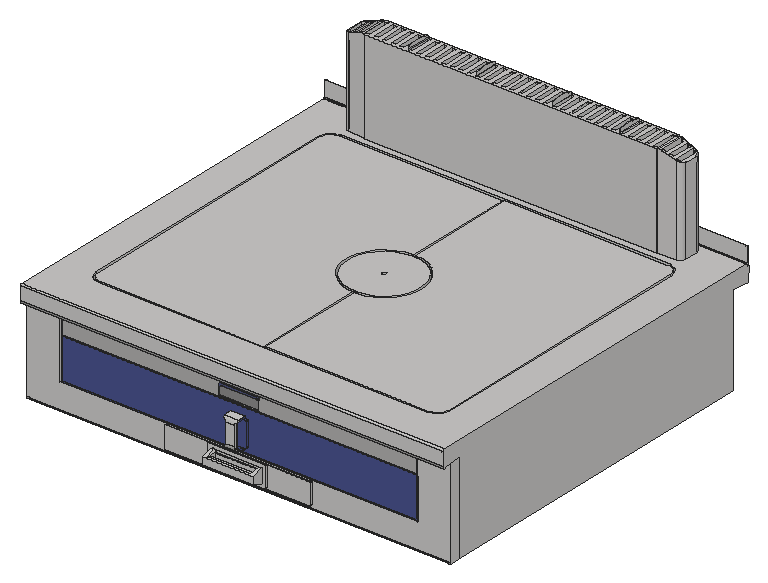
Revit family "QF_ELECTROLUXPROFESSIONAL_589014_MCLIABJOPO", category Specialty Equipment, Revit 2018
Family settings
  Round Connector Dimension = Use Diameter
  Part Type = Normal
  Work Plane-Based = No
  Always vertical = Yes
  Cut with Voids When Loaded = No
  Shared = No
  Room Calculation Point = No
Parameters
  Weight in Pounds = 264.55
  Watts = 0 W
  URL Cutsheet = "www.electrolux.com/professional"
  URL = "www.electrolux.com/professional"
  Type Mark [instance] = ""
  Status [instance] = ""
  Specification by User [instance] = ""
  Specification by Manufacturer = ""
  Show Clearance [instance] = yes
  Serial Number = ""
  Seismic Rating = ""
  SMACNA No = ""
  Revision Code [instance] = ""
  Omniclass Number and Title = ""
  NAFEM Spec ID Number = ""
  Model = "589014"
  Mechanical Remarks [instance] = ""
  Mechanical Connection Type [instance] = ""
  Masterspec = ""
  Manufacturer = "ELECTROLUX"
  Item Number [instance] = ""
  Installed By [instance] = ""
  Identify Quantity as Lot [instance] = yes
  HP = "0 HP"
  Gas Size = 1/2"
  Gas RI Height [instance] = 0 mm
  Gas KW [instance] = 12.5
  Gas Input [instance] = 42612.5 Btu/h
  Gas Connection Height = 0 mm
  Furnished By [instance] = ""
  Foodservice Equipment Identifier [instance] = yes
  Direct Waste Size = 0"
  Description = "GAS FRENCH TOP,1-SIDE,BS,1000X900X250H"
  CSI MasterFormat = ""
  CSI Master Format = ""
Reference planes
  plane 1 "BACK": y = 0
  plane 2: z = 0
  plane 3 "LEFT": x = 0
  plane 4 "RIGHT": x = 1000
  plane 5 "FRONT": y = -900
  plane 6 "TOP": z = 481
  plane 7 "Center Y": x = 500
  plane 8 "Center X": y = -450
  plane 9: z = 250
  plane 10: y = -1330
  plane 11: x = 965
Forms (mm)
  Extrusion 1, solid, material "QF_Finishes_Stainless Steel"
    sketch origin (653.786, 50.048, -650) x (0, 1, 0) y (0, 0, 1)
      loop
        line (-95.048, 863) -> (-71.412, 863) -> (-54.743, 860.061)
        arc (-54.743, 860.061) -> (-51.477, 860.936) -> (-50.048, 864) r 4
        line (-50.048, 864) -> (-50.048, 896)
        arc (-50.048, 896) -> (-51.22, 898.828) -> (-54.048, 900) r 4
        line (-54.048, 900) -> (-946.048, 900)
        arc (-946.048, 900) -> (-948.877, 898.828) -> (-950.048, 896) r 4
        line (-950.048, 896) -> (-950.048, 864)
        arc (-950.048, 864) -> (-948.619, 860.936) -> (-945.353, 860.061) r 4
        line (-945.353, 860.061) -> (-928.509, 863) -> (-905.048, 863) -> (-905.048, 650) -> (-95.048, 650) -> (-95.048, 863)
    from -653.786 to 346.214
  Extrusion 2, void
    sketch origin (653.786, 50.048, -650) x (1, 0, 0) y (0, 1, 0)
      loop
        arc (-542.786, -143.048) -> (-564, -151.835) -> (-572.786, -173.048) r 30
        line (-572.786, -173.048) -> (-572.786, -827.048)
        arc (-572.786, -827.048) -> (-564, -848.261) -> (-542.786, -857.048) r 30
        line (-542.786, -857.048) -> (235.214, -857.048)
        arc (235.214, -857.048) -> (256.427, -848.261) -> (265.214, -827.048) r 30
        line (265.214, -827.048) -> (265.214, -173.048)
        arc (265.214, -173.048) -> (256.427, -151.835) -> (235.214, -143.048) r 30
        line (235.214, -143.048) -> (-542.786, -143.048)
      loop
        line (-567.786, -173.048) -> (-567.786, -827.048)
        arc (-567.786, -827.048) -> (-560.464, -844.726) -> (-542.786, -852.048) r 25
        line (-542.786, -852.048) -> (-156.286, -852.048) -> (-156.286, -590.013)
        arc (-156.286, -590.013) -> (-243.786, -500.048) -> (-156.286, -410.083) r 90
        line (-156.286, -410.083) -> (-156.286, -148.048) -> (-542.786, -148.048)
        arc (-542.786, -148.048) -> (-560.464, -155.37) -> (-567.786, -173.048) r 25
      loop
        line (235.214, -148.048) -> (-151.286, -148.048) -> (-151.286, -410.083)
        arc (-151.286, -410.083) -> (-63.786, -500.048) -> (-151.286, -590.013) r 90
        line (-151.286, -590.013) -> (-151.286, -852.048) -> (235.214, -852.048)
        arc (235.214, -852.048) -> (252.891, -844.726) -> (260.214, -827.048) r 25
        line (260.214, -827.048) -> (260.214, -173.048)
        arc (260.214, -173.048) -> (252.891, -155.37) -> (235.214, -148.048) r 25
      loop
        circle (-153.786, -500.048) r 5
      loop
        arc (-156.286, -415.085) -> (-238.786, -500.048) -> (-156.286, -585.011) r 85
        arc (-156.286, -585.011) -> (-153.786, -585.048) -> (-151.286, -585.011) r 85
        arc (-151.286, -585.011) -> (-68.786, -500.048) -> (-151.286, -415.085) r 85
        arc (-151.286, -415.085) -> (-153.786, -415.048) -> (-156.286, -415.085) r 85
    from 887.5 to 900
  Extrusion 3, solid, material "QF_Finishes_Stainless Steel"
    sketch origin (-8, 53.486, -651.25) x (0, 1, 0) y (0, 0, 1)
      loop
        arc (-55.437, 903.256) -> (-56.028, 901.836) -> (-57.453, 901.256) r 2
        arc (-57.453, 901.256) -> (-54.646, 900.067) -> (-53.486, 897.25) r 4
        line (-53.486, 897.25) -> (-53.486, 939.256) -> (-55.437, 939.256) -> (-55.437, 903.256)
    from 8 to 1008
  Extrusion 4, solid, material "QF_Finishes_Stainless Steel"
    sketch origin (0, 0, 0) x (1, 0, 0) y (0, 1, 0)
      loop
        circle (965, -590) r 6.35
    from 0 to -14.661
  Extrusion 5, solid, material "QF_Door-Drawer Clearances", visible <- "Show Clearance", detail levels coarse
    sketch origin (0, 0, 0) x (1, 0, 0) y (0, 1, 0)
      loop
        line (327.605, -882.593) -> (327.605, -1330) -> (671.605, -1330) -> (671.605, -882.593) -> (327.605, -882.593)
    from 8.62 to 60
  Extrusion 6, solid, material "QF_Clearances", visible <- "Show Clearance", detail levels coarse
    sketch origin (0, 0, 0) x (1, 0, 0) y (0, 1, 0)
      loop
        line (-250, 150) -> (-250, -900) -> (0, -900) -> (0, 0) -> (1000, 0) -> (1000, -900) -> (1250, -900) -> (1250, 150) -> (-250, 150)
    from 0 to 481
Cuts and joins
  Extrusion 2 cuts Extrusion 1
Lines and regions (mm)
  symbolic lines, style "QF_Door-Drawer Clearances"
    curve 1: line (327.605, -900, 0) -> (327.605, -1330, 0)
    curve 2: line (327.605, -1330, 0) -> (671.605, -1330, 0)
    curve 3: line (671.605, -1330, 0) -> (671.605, -900, 0)
  symbolic lines
    curve 4: line (0, -900, 0) -> (1000, -900, 0)
    curve 5: line (0, 0, 0) -> (0, -900, 0)
    curve 6: line (1000, 0, 0) -> (0, 0, 0)
    curve 7: line (1000, -900, 0) -> (1000, 0, 0)
    curve 8: line (111, -93, 0) -> (889, -93, 0)
    curve 9: arc (889, -93, 0) -> (910.213, -101.787, 0) -> (919, -123, 0) r 30
    curve 10: line (919, -123, 0) -> (919, -777, 0)
    curve 11: arc (919, -777, 0) -> (910.213, -798.213, 0) -> (889, -807, 0) r 30
    curve 12: line (889, -807, 0) -> (111, -807, 0)
    curve 13: arc (111, -807, 0) -> (89.787, -798.213, 0) -> (81, -777, 0) r 30
    curve 14: line (81, -777, 0) -> (81, -123, 0)
    curve 15: arc (81, -123, 0) -> (89.787, -101.787, 0) -> (111, -93, 0) r 30
    curve 16: line (497.5, -98, 0) -> (111, -98, 0)
    curve 17: arc (111, -98, 0) -> (93.322, -105.322, 0) -> (86, -123, 0) r 25
    curve 18: line (86, -123, 0) -> (86, -777, 0)
    curve 19: arc (86, -777, 0) -> (93.322, -794.678, 0) -> (111, -802, 0) r 25
    curve 20: line (111, -802, 0) -> (497.5, -802, 0)
    curve 21: line (497.5, -802, 0) -> (497.5, -539.965, 0)
    curve 22: arc (497.5, -539.965, 0) -> (410, -450, 0) -> (497.5, -360.035, 0) r 90
    curve 23: line (497.5, -360.035, 0) -> (497.5, -98, 0)
    curve 24: line (889, -98, 0) -> (502.5, -98, 0)
    curve 25: line (502.5, -98, 0) -> (502.5, -360.035, 0)
    curve 26: arc (502.5, -360.035, 0) -> (590, -450, 0) -> (502.5, -539.965, 0) r 90
    curve 27: line (502.5, -539.965, 0) -> (502.5, -802, 0)
    curve 28: line (502.5, -802, 0) -> (889, -802, 0)
    curve 29: arc (889, -802, 0) -> (906.678, -794.678, 0) -> (914, -777, 0) r 25
    curve 30: line (914, -777, 0) -> (914, -123, 0)
    curve 31: arc (914, -123, 0) -> (906.678, -105.322, 0) -> (889, -98, 0) r 25
    curve 32: arc (502.5, -534.963, 0) -> (585, -450, 0) -> (502.5, -365.037, 0) r 85
    curve 33: arc (502.5, -365.037, 0) -> (500, -365, 0) -> (497.5, -365.037, 0) r 85
    curve 34: arc (497.5, -365.037, 0) -> (415, -450, 0) -> (497.5, -534.963, 0) r 85
    curve 35: arc (497.5, -534.963, 0) -> (500, -535, 0) -> (502.5, -534.963, 0) r 85
    curve 36: arc (505, -450, 0) -> (500, -455, 0) -> (495, -450, 0) r 5
    curve 37: arc (495, -450, 0) -> (500, -445, 0) -> (505, -450, 0) r 5
  symbolic lines, style "QF_Clearances", visible <- "Show Clearance", detail levels coarse
    curve 38: line (-250, -900, 0) -> (-250, 150, 0)
    curve 39: line (-250, 150, 0) -> (1250, 150, 0)
    curve 40: line (1250, 150, 0) -> (1250, -900, 0)
Dimensions and locks
  equal spacing: plane 3 "LEFT", plane 7 "Center Y", plane 4 "RIGHT"
  plane 3 "LEFT" to plane 4 "RIGHT" = 1000 mm
  equal spacing: plane 5 "FRONT", plane 8 "Center X", plane 1 "BACK"
  plane 5 "FRONT" to plane 1 "BACK" = 900 mm
  plane 6 "TOP" to level = 481 mm
  plane 9 to level = 250 mm  (x2)
  plane 5 "FRONT" to plane 10 = 430 mm
  curve 38 to plane 3 "LEFT" = 250 mm
  plane 4 "RIGHT" to curve 40 = 250 mm
  plane 1 "BACK" to curve 39 = 150 mm
  plane 4 "RIGHT" to plane 11 = 35 mm
  plane 1 "BACK" to Extrusion 4 = 590 mm
  plane 6 "TOP" to plane 9 = 231 mm
  locked: Extrusion 2 sketch curve to Extrusion 2 sketch curve (radius 30 mm)  (x4)
  locked: Extrusion 2 sketch curve to Extrusion 2 sketch curve (radius 25 mm)  (x4)
  locked: Extrusion 2 sketch curve to Extrusion 2 sketch curve (radius 90 mm)  (x2)
  locked: Extrusion 2 sketch curve to Extrusion 2 sketch curve (radius 85 mm)  (x2)
  aligned and locked: level to plane 2
Automatic sketch dimensions
  Extrusion 1 sketch curve to plane 5 "FRONT" = 0 mm
  Extrusion 1 sketch curve to plane 9 = 0 mm
  Extrusion 1 sketch curve to level = 0 mm
  Extrusion 1 sketch curve to plane 1 "BACK" = 0 mm
  Extrusion 1 sketch curve to plane 5 "FRONT" = 4.695 mm
  Extrusion 1 sketch curve to plane 9 = 39.939 mm
  Extrusion 1 sketch curve to plane 5 "FRONT" = 4 mm
  Extrusion 1 sketch curve to Extrusion 1 sketch curve = 16.844 mm
  Extrusion 1 sketch curve to plane 5 "FRONT" = 45 mm
  plane 1 "BACK" to Extrusion 1 sketch curve = 45 mm
  plane 1 "BACK" to Extrusion 1 sketch curve = 21.364 mm
  plane 1 "BACK" to Extrusion 1 sketch curve = 4 mm  (x2)
  Extrusion 1 sketch curve to Extrusion 1 sketch curve = 0.695 mm
  plane 1 "BACK" to Extrusion 1 sketch curve = 4.695 mm
  Extrusion 1 sketch curve to Extrusion 1 sketch curve = 0 mm  (x2)
  Extrusion 1 sketch curve to plane 9 = 37 mm  (x2)
  Extrusion 1 sketch curve to Extrusion 1 sketch curve = 1 mm
  Extrusion 2 sketch curve to Extrusion 2 sketch curve = 0 mm  (x19)
  Extrusion 2 sketch curve to plane 5 "FRONT" = 93 mm
  Extrusion 2 sketch curve to plane 7 "Center Y" = 0 mm
  Extrusion 2 sketch curve to plane 8 "Center X" = 0 mm
  Extrusion 2 sketch curve to plane 7 "Center Y" = 2.5 mm  (x4)
  plane 7 "Center Y" to Extrusion 2 sketch curve = 2.5 mm  (x4)
  plane 1 "BACK" to Extrusion 2 sketch curve = 123 mm
  Extrusion 3 sketch curve to plane 1 "BACK" = 0 mm
  Extrusion 3 sketch curve to plane 9 = 4 mm
  Extrusion 3 sketch curve to Extrusion 3 sketch curve = 1.951 mm
  Extrusion 3 sketch curve to Extrusion 3 sketch curve = 4 mm
  Extrusion 3 sketch curve to plane 9 = 0 mm
  Extrusion 3 sketch curve to Extrusion 3 sketch curve = 0 mm
  Extrusion 3 sketch curve to Extrusion 3 sketch curve = 0.016 mm
  plane 9 to Extrusion 3 sketch curve = 2.006 mm
  Extrusion 3 sketch curve to Extrusion 3 sketch curve = 36 mm
  plane 3 "LEFT" to Extrusion 2 sketch curve = 81 mm
  Extrusion 4 sketch curve to plane 8 "Center X" = 140 mm
  plane 4 "RIGHT" to Extrusion 4 sketch curve = 35 mm
  Extrusion 5 sketch curve to plane 10 = 0 mm
  Extrusion 5 sketch curve to plane 5 "FRONT" = 17.407 mm
  Extrusion 5 sketch curve to plane 7 "Center Y" = 172.395 mm
  plane 7 "Center Y" to Extrusion 5 sketch curve = 171.605 mm
  plane 4 "RIGHT" to Extrusion 2 sketch curve = 111 mm
  plane 5 "FRONT" to Extrusion 6 sketch curve = 0 mm
  Extrusion 6 sketch curve to plane 1 "BACK" = 150 mm
  Extrusion 6 sketch curve to plane 4 "RIGHT" = 250 mm
  Extrusion 6 sketch curve to plane 1 "BACK" = 0 mm
  Extrusion 6 sketch curve to plane 3 "LEFT" = 0 mm
  Extrusion 6 sketch curve to plane 4 "RIGHT" = 0 mm
  Extrusion 6 sketch curve to Extrusion 6 sketch curve = 250 mm
  Extrusion 6 sketch curve to Extrusion 6 sketch curve = 0 mm
  curve 9 to curve 31 = 0 mm  (x2)
  curve 11 to curve 29 = 0 mm  (x2)
  curve 13 to curve 19 = 0 mm  (x2)
  curve 15 to curve 17 = 0 mm  (x2)
  curve 22 to curve 26 = 0 mm  (x2)
  curve 22 to curve 32 = 0 mm  (x2)
  curve 22 to curve 33 = 0 mm  (x2)
  curve 22 to curve 34 = 0 mm  (x2)
  curve 22 to curve 35 = 0 mm
  curve 22 to curve 36 = 0 mm  (x2)
  plane 1 "BACK" to curve 5 = 0 mm
  curve 5 to plane 3 "LEFT" = 0 mm
  curve 1 to plane 10 = 0 mm
  curve 4 to plane 4 "RIGHT" = 0 mm
  plane 5 "FRONT" to curve 5 = 0 mm
  plane 5 "FRONT" to curve 38 = 0 mm
  curve 36 to plane 8 "Center X" = 0 mm
  curve 32 to plane 7 "Center Y" = 0 mm
  plane 5 "FRONT" to curve 40 = 0 mm
  plane 3 "LEFT" to curve 14 = 81 mm
  curve 13 to curve 18 = 5 mm
  curve 18 to curve 20 = 25 mm
  curve 17 to curve 8 = 25 mm
  curve 1 to plane 7 "Center Y" = 172.395 mm
  curve 21 to plane 7 "Center Y" = 2.5 mm
  curve 16 to plane 7 "Center Y" = 2.5 mm
  plane 7 "Center Y" to curve 28 = 2.5 mm
  plane 7 "Center Y" to curve 25 = 2.5 mm
  plane 7 "Center Y" to curve 3 = 171.605 mm
  plane 4 "RIGHT" to curve 28 = 111 mm
  curve 11 to curve 30 = 25 mm
  curve 30 to curve 10 = 5 mm
  curve 36 to curve 22 = 5 mm
  curve 34 to plane 7 "Center Y" = 2.5 mm
  curve 33 to plane 7 "Center Y" = 2.5 mm
  plane 7 "Center Y" to curve 33 = 2.5 mm
  plane 7 "Center Y" to curve 35 = 2.5 mm
  curve 12 to plane 5 "FRONT" = 93 mm
  curve 21 to plane 8 "Center X" = 89.965 mm
  curve 22 to curve 27 = 0 mm
  curve 27 to curve 35 = 5.002 mm
  plane 1 "BACK" to curve 30 = 123 mm
  plane 1 "BACK" to curve 14 = 123 mm
  radius of Extrusion 2 sketch curve = 5 mm
  radius of Extrusion 4 sketch curve = 6.35 mm
Nested families
  nested 1: "EG_900_1000_Front Panel with Center Grease Trap" at (202.376, -855, -650), type "EG_900_1000_Front Panel with Center Grease Trap"
  nested 2: "GG_900_Backsplash for 800 fryer" at (488.888, -5, -635.571), type "GG_900_Backsplash for 800 fryer"
Connectors
  piping at (965, -590, -14.661), diameter 12.7
    settings: on Extrusion 4, index 1, connector inside diameter 1/2", connector length 0 mm, flow factor 0, pipe flow 0 GPM, pressure drop 0.00 psi, fitting loss kfactor 0, connector angle 0.00°, fixture units 0, engagement length 0 mm, angle of deflection 0.00°, flow configuration 1, flow direction 1, fitting loss method 0, system type 7, joint type 0, gender type 0, connector reference index -1, connector utility 0, adjustable connector no, is connector primary yes, connector description "GAS INLET"
Definition of nested family "EG_900_1000_Front Panel with Center Grease Trap"
  Reference planes
    plane 1 "Center (Front/Back)": y = 0
    plane 2: z = 0
    plane 3 "Center (Left/Right)": x = 297.624
    plane 4: x = -202.376
    plane 5: x = 797.624
    plane 6: y = -45
  Forms (mm)
    Extrusion 1, solid
      sketch origin (833.217, 829.203, -1.25) x (0, 1, 0) y (0, 0, 1)
        loop
          arc (-854.203, 654.25) -> (-853.324, 652.129) -> (-851.203, 651.25) r 3
          line (-851.203, 651.25) -> (-829.203, 651.25) -> (-829.203, 864.25) -> (-854.203, 864.25) -> (-854.203, 654.25)
      from -1035.593 to -35.593
    Extrusion 2, void
      sketch origin (33.217, 829.203, -1.25) x (1, 0, 0) y (0, 0, 1)
        loop
          line (-157.593, 855.116) -> (-157.593, 713.116) -> (686.407, 713.116) -> (686.407, 855.116) -> (-157.593, 855.116)
      from 848.59 to 854.203
  Cuts and joins
    Extrusion 2 cuts Extrusion 1
  Dimensions and locks
    equal spacing: plane 5, plane 3 "Center (Left/Right)", plane 4
    plane 5 to plane 4 = 1000 mm
    aligned and locked: cut or joined group of Extrusion 1, Extrusion 2 to plane 4
    aligned and locked: plane 5 to cut or joined group of Extrusion 1, Extrusion 2
    aligned and locked: plane 3 "Center (Left/Right)" to nested 2
    aligned and locked: cut or joined group of Extrusion 1, Extrusion 2 to nested 2
    aligned and locked: plane 3 "Center (Left/Right)" to nested 1
    aligned and locked: plane 3 "Center (Left/Right)" to nested 3
  Automatic sketch dimensions
    Extrusion 1 sketch curve to plane 1 "Center (Front/Back)" = 0 mm
    plane 1 "Center (Front/Back)" to Extrusion 1 sketch curve = 22 mm
    Extrusion 1 sketch curve to Extrusion 1 sketch curve = 3 mm
    level to Extrusion 1 sketch curve = 650 mm
    Extrusion 1 sketch curve to Extrusion 1 sketch curve = 210 mm
    plane 4 to Extrusion 2 sketch curve = 78 mm
    Extrusion 2 sketch curve to plane 5 = 78 mm
    level to Extrusion 2 sketch curve = 711.866 mm
    Extrusion 2 sketch curve to Extrusion 2 sketch curve = 142 mm
  Nested families
    nested 1: "Range Control Handle" at (297.624, -28.137, -209.113) x (-1, 0, 0) z (0, 0, 1), type "Range Control Handle"
    nested 2: "glass conrol panel" at (297.624, 280.644, 2.752), type "glass conrol panel"
    nested 3: "grease trap door" at (365.223, -25, 0.608) x (-1, 0, 0) z (0, 0, 1), type "grease trap door"
  Definition of nested family "Range Control Handle"
    Reference planes
      plane 1 "Center (Front/Back)": y = 0
      plane 2: z = 0
      plane 3 "Center (Left/Right)": x = 0
      plane 4: z = 971.092
      plane 5: y = -16.9
    Forms (mm)
      Extrusion 1, solid
        sketch origin (-746.28, 380.497, 208.931) x (-1, 0, 0) y (0, 0, 1)
          loop
            line (-770.101, 786.798) -> (-770.101, 731.649)
            arc (-770.101, 731.649) -> (-769.759, 730.563) -> (-768.855, 729.87) r 1.893
            line (-768.855, 729.87) -> (-763.474, 727.911) -> (-729.81, 727.911) -> (-724.428, 729.87)
            arc (-724.428, 729.87) -> (-723.525, 730.563) -> (-723.183, 731.649) r 1.893
            line (-723.183, 731.649) -> (-723.183, 786.798)
            arc (-723.183, 786.798) -> (-723.529, 787.894) -> (-724.44, 788.593) r 1.91
            line (-724.44, 788.593) -> (-729.683, 790.819) -> (-763.601, 790.819) -> (-768.844, 788.593)
            arc (-768.844, 788.593) -> (-769.755, 787.894) -> (-770.101, 786.798) r 1.91
        from -382.35 to -378.852
      Sweep 2, solid
        path origin (-746.788, 380.496, 208.091) x (0, -1, 0) y (0, 0, 1)
          loop
            line (379.775, 793.281) -> (395.661, 791.048)
            arc (395.661, 791.048) -> (397.781, 787.377) -> (398.517, 783.202) r 12.207
            line (398.517, 783.202) -> (398.517, 737.368)
            arc (398.517, 737.368) -> (397.781, 733.193) -> (395.661, 729.522) r 12.207
            line (395.661, 729.522) -> (379.775, 727.289)
        profile origin (-746.788, -7.222, 1000.256) x (0, -0.139173, 0.990268) y (-1, 0, 0)
          loop
            line (0.782, -763.123) -> (0.782, -730.907) -> (-1.322, -730.907) -> (-1.322, -763.123) -> (0.782, -763.123)
      Sweep 3, solid
        path origin (-746.788, 380.715, 207.832) x (0, -1, 0) y (0, 0, 1)
          loop
            line (380.478, 795.442) -> (397.218, 793.09)
            arc (397.218, 793.09) -> (399.929, 788.473) -> (400.871, 783.202) r 15.207
            line (400.871, 783.202) -> (400.871, 737.584)
            arc (400.871, 737.584) -> (399.914, 732.274) -> (397.164, 727.633) r 15.207
            line (397.164, 727.633) -> (380.601, 725.305)
        profile origin (-746.788, -8.132, 1002.099) x (0, -0.139173, 0.990268) y (-1, 0, 0)
          loop
            line (0.782, -763.123) -> (0.782, -730.907) -> (-1.322, -730.907) -> (-1.322, -763.123) -> (0.782, -763.123)
      Extrusion 4, void
        sketch origin (889.253, 220.666, 207.993) x (1, 0, 0) y (0, 0, 1)
          loop
            line (-943.038, 816.854) -> (-943.038, 703.686) -> (-899.466, 734.196) -> (-899.466, 786.344) -> (-943.038, 816.854)
        from 230.636 to 242.25
      Extrusion 5, void
        sketch origin (-888.8, 220.666, 207.993) x (-1, 0, 0) y (0, 0, -1)
          loop
            line (-943.038, -816.854) -> (-899.466, -786.344) -> (-899.466, -734.196) -> (-943.038, -703.686) -> (-943.038, -816.854)
        from 230.636 to 242.25
      Extrusion 6, solid
        sketch origin (0, 0, 0) x (1, 0, 0) y (0, 0, 1)
          loop
            circle (0, 971.092) r 7.736
        from -3.137 to -1.645
    Cuts and joins
      Extrusion 4, Extrusion 5 cuts Sweep 3
      Extrusion 4, Extrusion 5 cuts Sweep 2
      joined: Extrusion 1, Extrusion 6
    Lines and regions (mm)
      symbolic lines
        curve 1: line (16.334, -16.9, 0) -> (16.334, -19.227, 0)
        curve 2: spline (16.334, -19.227, 0) -> (15.87, -19.385, 0) -> (15.404, -19.536, 0) -> (14.936, -19.678, 0) -> (14.466, -19.813, 0) -> (13.995, -19.94, 0) -> (13.523, -20.059, 0) -> (13.049, -20.171, 0) -> (12.575, -20.274, 0) -> (12.099, -20.37, 0) -> (11.622, -20.458, 0) -> (11.144, -20.537, 0) -> (10.666, -20.609, 0)
        curve 3: line (10.666, -16.9, 0) -> (10.666, -20.938, 0)
        curve 4: line (-10.213, -20.938, 0) -> (10.666, -20.938, 0)
        curve 5: line (-10.213, -20.938, 0) -> (-10.213, -16.9, 0)
        curve 6: spline (-10.213, -20.609, 0) -> (-10.691, -20.537, 0) -> (-11.169, -20.458, 0) -> (-11.646, -20.37, 0) -> (-12.122, -20.274, 0) -> (-12.597, -20.171, 0) -> (-13.07, -20.059, 0) -> (-13.542, -19.94, 0) -> (-14.013, -19.813, 0) -> (-14.483, -19.678, 0) -> (-14.951, -19.536, 0) -> (-15.417, -19.385, 0) -> (-15.881, -19.227, 0)
        curve 7: line (-15.881, -19.227, 0) -> (-15.881, -16.9, 0)
  Definition of nested family "glass conrol panel"
    Reference planes
      plane 1 "Center (Front/Back)": y = 0
      plane 2: z = 0
      plane 3 "Center (Left/Right)": x = 0
    Forms (mm)
      Extrusion 1, solid
        sketch origin (378.286, 0, 0.617) x (1, 0, 0) y (0, 0, 1)
          loop
            line (-800.286, 806.791) -> (-800.286, 708.497) -> (43.714, 708.497) -> (43.714, 806.791) -> (-800.286, 806.791)
        from 300.031 to 304.8
      Extrusion 2, solid
        sketch origin (378.286, 0, 0.617) x (1, 0, 0) y (0, 0, 1)
          loop
            line (-800.286, 850.497) -> (-800.286, 806.791) -> (43.714, 806.791) -> (43.714, 850.497) -> (-800.286, 850.497)
        from 300.031 to 304.8
      Extrusion 3, void
        sketch origin (378.286, 0, 0.617) x (1, 0, 0) y (0, 0, 1)
          loop
            line (-797.286, 847.565) -> (-797.286, 710.699) -> (40.714, 710.699) -> (40.714, 847.565) -> (-797.286, 847.565)
        from 303.697 to 304.8
      Extrusion 4, solid
        sketch origin (-308.309, 1.101, -0.633) x (-1, 0, 0) y (0, 0, -1)
          loop
            line (-261.431, -812.62) -> (-355.186, -812.62) -> (-355.186, -834.177) -> (-350.269, -834.177) -> (-348.469, -835.977) -> (-268.039, -835.977) -> (-266.24, -834.177) -> (-261.431, -834.177) -> (-261.431, -812.62)
        from 304.798 to 306.745
      Extrusion 5, solid
        sketch origin (-308.309, 1.101, -0.633) x (-1, 0, 0) y (0, 0, -1)
          loop
            line (-350.269, -834.177) -> (-355.078, -834.177)
            arc (-355.078, -834.177) -> (-353.942, -838.747) -> (-349.686, -840.763) r 5.5
            line (-349.686, -840.763) -> (-266.98, -840.763)
            arc (-266.98, -840.763) -> (-262.706, -838.752) -> (-261.529, -834.177) r 5.549
            line (-261.529, -834.177) -> (-266.24, -834.177) -> (-268.039, -835.977) -> (-348.469, -835.977) -> (-350.269, -834.177)
        from 304.798 to 306.745
    Cuts and joins
      Extrusion 3 cuts Extrusion 1
      Extrusion 3 cuts Extrusion 2
    Dimensions and locks
      aligned and locked: Extrusion 1 to Extrusion 2
      aligned and locked: Extrusion 5 sketch curve to Extrusion 4  (x5)
      aligned and locked: Extrusion 5 to Extrusion 4
  Definition of nested family "grease trap door"
    Reference planes
      plane 1 "Center (Front/Back)": y = 0
      plane 2: z = 0
      plane 3 "Center (Left/Right)": x = 0
      plane 4: y = -20
    Forms (mm)
      Extrusion 1, solid
        sketch origin (1627.55, 854.203, -1.25) x (1, 0, 0) y (0, 0, 1)
          loop
            arc (-1627.55, 661.235) -> (-1626.972, 659.84) -> (-1625.577, 659.262) r 1.973
            line (-1625.577, 659.262) -> (-1494.325, 659.262)
            arc (-1494.325, 659.262) -> (-1492.156, 660.16) -> (-1491.258, 662.329) r 3.067
            line (-1491.258, 662.329) -> (-1491.258, 708.803)
            arc (-1491.258, 708.803) -> (-1492.414, 710.143) -> (-1494.111, 710.642) r 3.133
            line (-1494.111, 710.642) -> (-1625.486, 710.642)
            arc (-1625.486, 710.642) -> (-1626.945, 710.038) -> (-1627.55, 708.579) r 2.063
            line (-1627.55, 708.579) -> (-1627.55, 661.235)
        from 856.795 to 859.203
      Extrusion 2, solid
        sketch origin (445.874, 2476.61, 0) x (0, 1, 0) y (0, 0, 1)
          loop
            line (-2506.377, 675.273) -> (-2481.61, 667.505) -> (-2481.61, 700.995) -> (-2506.377, 693.227) -> (-2506.377, 675.273)
        from -437.68 to -317.68
      Extrusion 3, void
        sketch origin (1627.55, 854.203, -1.25) x (1, 0, 0) y (0, 0, 1)
          loop
            line (-1614.883, 703) -> (-1610.542, 695.433) -> (-1508.17, 695.433) -> (-1503.828, 703) -> (-1614.883, 703)
          loop
            line (-1614.883, 668) -> (-1502.669, 668) -> (-1507.01, 675.567) -> (-1610.542, 675.567) -> (-1614.883, 668)
        from 832.916 to 883.97
      Extrusion 4, void
        sketch origin (447.55, 854.203, -1.25) x (1, 0, 0) y (0, 0, 1)
          loop
            line (-430.542, 695.433) -> (-430.542, 675.567) -> (-328.17, 675.567) -> (-328.17, 695.433) -> (-430.542, 695.433)
        from 859.203 to 874.202
      Extrusion 5, solid
        sketch origin (1627.55, 854.203, -1.25) x (1, 0, 0) y (0, 0, 1)
          loop
            arc (-1731.556, 661.235) -> (-1730.978, 659.84) -> (-1729.583, 659.262) r 1.973
            line (-1729.583, 659.262) -> (-1390.623, 659.262)
            arc (-1390.623, 659.262) -> (-1388.454, 660.16) -> (-1387.556, 662.329) r 3.067
            line (-1387.556, 662.329) -> (-1387.556, 708.803)
            arc (-1387.556, 708.803) -> (-1388.712, 710.143) -> (-1390.409, 710.642) r 3.133
            line (-1390.409, 710.642) -> (-1729.493, 710.642)
            arc (-1729.493, 710.642) -> (-1730.952, 710.038) -> (-1731.556, 708.579) r 2.063
            line (-1731.556, 708.579) -> (-1731.556, 661.235)
        from 854.203 to 856.795
    Cuts and joins
      Extrusion 3 cuts Extrusion 1
      Extrusion 3, Extrusion 4 cuts Extrusion 2
      joined: Extrusion 1, Extrusion 2
    Lines and regions (mm)
      model lines
        curve 1: line (67.599, 0, 658.012) -> (67.599, 0, 709.392)
      symbolic lines
        curve 2: line (8.194, -20, 0) -> (8.194, -29.767, 0)
        curve 3: line (8.194, -29.767, 0) -> (128.194, -29.767, 0)
        curve 4: line (128.194, -29.767, 0) -> (128.194, -20, 0)
    Dimensions and locks
      aligned and locked: Extrusion 2 to Extrusion 1
      aligned and locked: Extrusion 3 to Extrusion 2
      aligned and locked: Extrusion 4 to Extrusion 1
Definition of nested family "GG_900_Backsplash for 800 fryer"
  Reference planes
    plane 1 "Center (Front/Back)": y = 0
    plane 2: z = 0
    plane 3 "Center (Left/Right)": x = 11.112
    plane 4: x = -388.888
    plane 5: x = 411.112
    plane 6: y = -37.994
  Forms (mm)
    Extrusion 1, solid
      sketch origin (3208.371, -22.924, -275.679) x (1, 0, 0) y (0, 0, 1)
        loop
          line (-3597.259, 1365.162) -> (-3597.259, 1161.25) -> (-2797.259, 1161.25) -> (-2797.259, 1364.934) -> (-2841.553, 1381.055)
          arc (-2841.553, 1381.055) -> (-2844.994, 1381.949) -> (-2848.536, 1382.25) r 21
          line (-2848.536, 1382.25) -> (-3546.608, 1382.25)
          arc (-3546.608, 1382.25) -> (-3550.146, 1381.95) -> (-3553.582, 1381.058) r 21
          line (-3553.582, 1381.058) -> (-3597.259, 1365.162)
      from -17.885 to 48.024
    Extrusion 2, void
      sketch origin (3108.387, -925.98, -226.348) x (1, 0, 0) y (0, 1, 0)
        loop
          line (-3444.887, 915.362) -> (-3444.887, 861.502) -> (-3434.887, 861.502) -> (-3434.887, 915.362) -> (-3444.887, 915.362)
      from 1111.919 to 1332.919
    Extrusion 3, void
      sketch origin (3789.012, -925.98, -226.348) x (1, 0, 0) y (0, 1, 0)
        loop
          line (-3444.887, 915.362) -> (-3444.887, 861.502) -> (-3434.887, 861.502) -> (-3434.887, 915.362) -> (-3444.887, 915.362)
      from 1111.919 to 1332.919
    Extrusion 4, void
      sketch origin (3128.405, -925.98, -226.348) x (1, 0, 0) y (0, 1, 0)
        loop
          line (-3444.887, 915.362) -> (-3444.887, 861.502) -> (-3434.887, 861.502) -> (-3434.887, 915.362) -> (-3444.887, 915.362)
      from 1111.919 to 1332.919
    Extrusion 5, void
      sketch origin (3148.424, -925.98, -226.348) x (1, 0, 0) y (0, 1, 0)
        loop
          line (-3444.887, 915.362) -> (-3444.887, 861.502) -> (-3434.887, 861.502) -> (-3434.887, 915.362) -> (-3444.887, 915.362)
      from 1111.919 to 1332.919
    Extrusion 6, void
      sketch origin (3168.442, -925.98, -226.348) x (1, 0, 0) y (0, 1, 0)
        loop
          line (-3444.887, 915.362) -> (-3444.887, 861.502) -> (-3434.887, 861.502) -> (-3434.887, 915.362) -> (-3444.887, 915.362)
      from 1111.919 to 1332.919
    Extrusion 7, void
      sketch origin (3188.46, -925.98, -226.348) x (1, 0, 0) y (0, 1, 0)
        loop
          line (-3444.887, 915.362) -> (-3444.887, 861.502) -> (-3434.887, 861.502) -> (-3434.887, 915.362) -> (-3444.887, 915.362)
      from 1111.919 to 1332.919
    Extrusion 8, void
      sketch origin (3208.479, -925.98, -226.348) x (1, 0, 0) y (0, 1, 0)
        loop
          line (-3444.887, 915.362) -> (-3444.887, 861.502) -> (-3434.887, 861.502) -> (-3434.887, 915.362) -> (-3444.887, 915.362)
      from 1111.919 to 1332.919
    Extrusion 9, void
      sketch origin (3228.497, -925.98, -226.348) x (1, 0, 0) y (0, 1, 0)
        loop
          line (-3444.887, 915.362) -> (-3444.887, 861.502) -> (-3434.887, 861.502) -> (-3434.887, 915.362) -> (-3444.887, 915.362)
      from 1111.919 to 1332.919
    Extrusion 10, void
      sketch origin (3248.516, -925.98, -226.348) x (1, 0, 0) y (0, 1, 0)
        loop
          line (-3444.887, 915.362) -> (-3444.887, 861.502) -> (-3434.887, 861.502) -> (-3434.887, 915.362) -> (-3444.887, 915.362)
      from 1111.919 to 1332.919
    Extrusion 11, void
      sketch origin (3268.534, -925.98, -226.348) x (1, 0, 0) y (0, 1, 0)
        loop
          line (-3444.887, 915.362) -> (-3444.887, 861.502) -> (-3434.887, 861.502) -> (-3434.887, 915.362) -> (-3444.887, 915.362)
      from 1111.919 to 1332.919
    Extrusion 12, void
      sketch origin (3288.552, -925.98, -226.348) x (1, 0, 0) y (0, 1, 0)
        loop
          line (-3444.887, 915.362) -> (-3444.887, 861.502) -> (-3434.887, 861.502) -> (-3434.887, 915.362) -> (-3444.887, 915.362)
      from 1111.919 to 1332.919
    Extrusion 13, void
      sketch origin (3308.571, -925.98, -226.348) x (1, 0, 0) y (0, 1, 0)
        loop
          line (-3444.887, 915.362) -> (-3444.887, 861.502) -> (-3434.887, 861.502) -> (-3434.887, 915.362) -> (-3444.887, 915.362)
      from 1111.919 to 1332.919
    Extrusion 14, void
      sketch origin (3328.589, -925.98, -226.348) x (1, 0, 0) y (0, 1, 0)
        loop
          line (-3444.887, 915.362) -> (-3444.887, 861.502) -> (-3434.887, 861.502) -> (-3434.887, 915.362) -> (-3444.887, 915.362)
      from 1111.919 to 1332.919
    Extrusion 15, void
      sketch origin (3348.607, -925.98, -226.348) x (1, 0, 0) y (0, 1, 0)
        loop
          line (-3444.887, 915.362) -> (-3444.887, 861.502) -> (-3434.887, 861.502) -> (-3434.887, 915.362) -> (-3444.887, 915.362)
      from 1111.919 to 1332.919
    Extrusion 16, void
      sketch origin (3368.626, -925.98, -226.348) x (1, 0, 0) y (0, 1, 0)
        loop
          line (-3444.887, 915.362) -> (-3444.887, 861.502) -> (-3434.887, 861.502) -> (-3434.887, 915.362) -> (-3444.887, 915.362)
      from 1111.919 to 1332.919
    Extrusion 17, void
      sketch origin (3388.644, -925.98, -226.348) x (1, 0, 0) y (0, 1, 0)
        loop
          line (-3444.887, 915.362) -> (-3444.887, 861.502) -> (-3434.887, 861.502) -> (-3434.887, 915.362) -> (-3444.887, 915.362)
      from 1111.919 to 1332.919
    Extrusion 18, void
      sketch origin (3408.663, -925.98, -226.348) x (1, 0, 0) y (0, 1, 0)
        loop
          line (-3444.887, 915.362) -> (-3444.887, 861.502) -> (-3434.887, 861.502) -> (-3434.887, 915.362) -> (-3444.887, 915.362)
      from 1111.919 to 1332.919
    Extrusion 19, void
      sketch origin (3428.681, -925.98, -226.348) x (1, 0, 0) y (0, 1, 0)
        loop
          line (-3444.887, 915.362) -> (-3444.887, 861.502) -> (-3434.887, 861.502) -> (-3434.887, 915.362) -> (-3444.887, 915.362)
      from 1111.919 to 1332.919
    Extrusion 20, void
      sketch origin (3448.699, -925.98, -226.348) x (1, 0, 0) y (0, 1, 0)
        loop
          line (-3444.887, 915.362) -> (-3444.887, 861.502) -> (-3434.887, 861.502) -> (-3434.887, 915.362) -> (-3444.887, 915.362)
      from 1111.919 to 1332.919
    Extrusion 21, void
      sketch origin (3468.718, -925.98, -226.348) x (1, 0, 0) y (0, 1, 0)
        loop
          line (-3444.887, 915.362) -> (-3444.887, 861.502) -> (-3434.887, 861.502) -> (-3434.887, 915.362) -> (-3444.887, 915.362)
      from 1111.919 to 1332.919
    Extrusion 22, void
      sketch origin (3488.736, -925.98, -226.348) x (1, 0, 0) y (0, 1, 0)
        loop
          line (-3444.887, 915.362) -> (-3444.887, 861.502) -> (-3434.887, 861.502) -> (-3434.887, 915.362) -> (-3444.887, 915.362)
      from 1111.919 to 1332.919
    Extrusion 23, void
      sketch origin (3508.755, -925.98, -226.348) x (1, 0, 0) y (0, 1, 0)
        loop
          line (-3444.887, 915.362) -> (-3444.887, 861.502) -> (-3434.887, 861.502) -> (-3434.887, 915.362) -> (-3444.887, 915.362)
      from 1111.919 to 1332.919
    Extrusion 24, void
      sketch origin (3528.773, -925.98, -226.348) x (1, 0, 0) y (0, 1, 0)
        loop
          line (-3444.887, 915.362) -> (-3444.887, 861.502) -> (-3434.887, 861.502) -> (-3434.887, 915.362) -> (-3444.887, 915.362)
      from 1111.919 to 1332.919
    Extrusion 25, void
      sketch origin (3548.791, -925.98, -226.348) x (1, 0, 0) y (0, 1, 0)
        loop
          line (-3444.887, 915.362) -> (-3444.887, 861.502) -> (-3434.887, 861.502) -> (-3434.887, 915.362) -> (-3444.887, 915.362)
      from 1111.919 to 1332.919
    Extrusion 26, void
      sketch origin (3568.81, -925.98, -226.348) x (1, 0, 0) y (0, 1, 0)
        loop
          line (-3444.887, 915.362) -> (-3444.887, 861.502) -> (-3434.887, 861.502) -> (-3434.887, 915.362) -> (-3444.887, 915.362)
      from 1111.919 to 1332.919
    Extrusion 27, void
      sketch origin (3588.828, -925.98, -226.348) x (1, 0, 0) y (0, 1, 0)
        loop
          line (-3444.887, 915.362) -> (-3444.887, 861.502) -> (-3434.887, 861.502) -> (-3434.887, 915.362) -> (-3444.887, 915.362)
      from 1111.919 to 1332.919
    Extrusion 28, void
      sketch origin (3608.846, -925.98, -226.348) x (1, 0, 0) y (0, 1, 0)
        loop
          line (-3444.887, 915.362) -> (-3444.887, 861.502) -> (-3434.887, 861.502) -> (-3434.887, 915.362) -> (-3444.887, 915.362)
      from 1111.919 to 1332.919
    Extrusion 29, void
      sketch origin (3628.865, -925.98, -226.348) x (1, 0, 0) y (0, 1, 0)
        loop
          line (-3444.887, 915.362) -> (-3444.887, 861.502) -> (-3434.887, 861.502) -> (-3434.887, 915.362) -> (-3444.887, 915.362)
      from 1111.919 to 1332.919
    Extrusion 30, void
      sketch origin (3648.883, -925.98, -226.348) x (1, 0, 0) y (0, 1, 0)
        loop
          line (-3444.887, 915.362) -> (-3444.887, 861.502) -> (-3434.887, 861.502) -> (-3434.887, 915.362) -> (-3444.887, 915.362)
      from 1111.919 to 1332.919
    Extrusion 31, void
      sketch origin (3668.902, -925.98, -226.348) x (1, 0, 0) y (0, 1, 0)
        loop
          line (-3444.887, 915.362) -> (-3444.887, 861.502) -> (-3434.887, 861.502) -> (-3434.887, 915.362) -> (-3444.887, 915.362)
      from 1111.919 to 1332.919
    Extrusion 32, void
      sketch origin (0, 0, 0) x (1, 0, 0) y (0, 1, 0)
        loop
          line (-373.021, -61.567) -> (-373.021, -14.408) -> (-377.678, -14.821)
          spline (-377.678, -14.821) -> (-378.371, -14.929) -> (-379.046, -15.126) -> (-379.692, -15.41) -> (-380.301, -15.777) -> (-380.864, -16.22) -> (-381.37, -16.734) -> (-381.814, -17.309) -> (-382.188, -17.939) -> (-382.486, -18.613) -> (-382.704, -19.32) -> (-382.839, -20.051) -> (-382.888, -20.793)
          line (-382.888, -20.793) -> (-382.888, -55.104)
          spline (-382.888, -55.104) -> (-382.855, -55.807) -> (-382.746, -56.501) -> (-382.562, -57.176) -> (-382.305, -57.825) -> (-381.98, -58.437) -> (-381.589, -59.005) -> (-381.14, -59.521) -> (-380.637, -59.978) -> (-380.087, -60.369) -> (-379.499, -60.69) -> (-378.879, -60.936) -> (-378.237, -61.104)
          line (-378.237, -61.104) -> (-373.021, -61.567)
        loop
          line (-367.195, -62.083) -> (-357.328, -62.958) -> (-357.328, -13.046) -> (-367.195, -13.892) -> (-367.195, -62.083)
        loop
          line (-351.502, -12.529) -> (-351.502, -63.476) -> (-341.546, -64.358) -> (-341.546, -11.645) -> (-351.502, -12.529)
        loop
          line (399.338, -14.802) -> (395.245, -14.439) -> (395.245, -61.567) -> (399.902, -61.184)
          spline (399.902, -61.184) -> (400.6, -61.075) -> (401.279, -60.875) -> (401.93, -60.588) -> (402.542, -60.217) -> (403.106, -59.768) -> (403.614, -59.248) -> (404.058, -58.666) -> (404.43, -58.029) -> (404.726, -57.349) -> (404.94, -56.634) -> (405.069, -55.897) -> (405.112, -55.149)
          line (405.112, -55.149) -> (405.112, -20.839)
          spline (405.112, -20.839) -> (405.061, -20.042) -> (404.913, -19.26) -> (404.668, -18.505) -> (404.333, -17.791) -> (403.912, -17.13) -> (403.412, -16.534) -> (402.844, -16.014) -> (402.215, -15.577) -> (401.539, -15.233) -> (400.825, -14.986) -> (400.087, -14.842) -> (399.338, -14.802)
        loop
          line (389.419, -13.922) -> (379.552, -13.046) -> (379.552, -62.989) -> (389.419, -62.113) -> (389.419, -13.922)
        loop
          line (363.77, -11.615) -> (363.77, -64.389) -> (373.726, -63.506) -> (373.726, -12.499) -> (363.77, -11.615)
      from 885.571 to 1106.571
    Extrusion 33, void
      sketch origin (5.432, 225.414, 0) x (1, 0, 0) y (0, 1, 0)
        loop
          spline (-382.452, -291.267) -> (-383.887, -291.038) -> (-385.284, -290.622) -> (-386.623, -290.026) -> (-387.883, -289.259) -> (-389.044, -288.332) -> (-390.088, -287.26) -> (-391.001, -286.059) -> (-391.767, -284.747) -> (-392.375, -283.345) -> (-392.817, -281.874) -> (-393.084, -280.356) -> (-393.174, -278.815)
          line (-393.174, -278.815) -> (-403.174, -278.815) -> (-403.174, -302.496) -> (-338.508, -302.496) -> (-338.508, -295.112) -> (-382.452, -291.267)
        loop
          line (-382.452, -235.548) -> (-338.508, -231.703) -> (-338.508, -224.32) -> (-403.174, -224.32) -> (-403.174, -248.001) -> (-393.174, -248.001)
          spline (-393.174, -248.001) -> (-393.084, -246.459) -> (-392.817, -244.941) -> (-392.375, -243.47) -> (-391.767, -242.068) -> (-391.001, -240.757) -> (-390.088, -239.556) -> (-389.044, -238.484) -> (-387.883, -237.557) -> (-386.623, -236.79) -> (-385.284, -236.194) -> (-383.887, -235.778) -> (-382.452, -235.548)
        loop
          line (393.082, -291.267) -> (349.139, -295.112) -> (349.139, -302.496) -> (413.805, -302.496) -> (413.805, -278.815) -> (403.805, -278.815)
          spline (403.805, -278.815) -> (403.715, -280.356) -> (403.447, -281.874) -> (403.006, -283.345) -> (402.398, -284.747) -> (401.631, -286.059) -> (400.719, -287.26) -> (399.674, -288.332) -> (398.513, -289.259) -> (397.254, -290.026) -> (395.915, -290.622) -> (394.518, -291.038) -> (393.082, -291.267)
        loop
          spline (393.082, -235.548) -> (394.518, -235.778) -> (395.915, -236.194) -> (397.254, -236.79) -> (398.513, -237.557) -> (399.674, -238.484) -> (400.719, -239.556) -> (401.631, -240.757) -> (402.398, -242.068) -> (403.006, -243.47) -> (403.447, -244.941) -> (403.715, -246.459) -> (403.805, -248.001)
          line (403.805, -248.001) -> (413.805, -248.001) -> (413.805, -224.32) -> (349.139, -224.32) -> (349.139, -231.703) -> (393.082, -235.548)
      from 0 to 1124.213
    Extrusion 34, void
      sketch origin (3688.92, -925.98, -226.348) x (1, 0, 0) y (0, 1, 0)
        loop
          line (-3444.887, 915.362) -> (-3444.887, 861.502) -> (-3434.887, 861.502) -> (-3434.887, 915.362) -> (-3444.887, 915.362)
      from 1111.919 to 1332.919
    Extrusion 35, void
      sketch origin (3708.938, -925.98, -226.348) x (1, 0, 0) y (0, 1, 0)
        loop
          line (-3444.887, 915.362) -> (-3444.887, 861.502) -> (-3434.887, 861.502) -> (-3434.887, 915.362) -> (-3444.887, 915.362)
      from 1111.919 to 1332.919
    Extrusion 36, void
      sketch origin (3728.957, -925.98, -226.348) x (1, 0, 0) y (0, 1, 0)
        loop
          line (-3444.887, 915.362) -> (-3444.887, 861.502) -> (-3434.887, 861.502) -> (-3434.887, 915.362) -> (-3444.887, 915.362)
      from 1111.919 to 1332.919
    Extrusion 37, void
      sketch origin (3748.975, -925.98, -226.348) x (1, 0, 0) y (0, 1, 0)
        loop
          line (-3444.887, 915.362) -> (-3444.887, 861.502) -> (-3434.887, 861.502) -> (-3434.887, 915.362) -> (-3444.887, 915.362)
      from 1111.919 to 1332.919
    Extrusion 38, void
      sketch origin (3768.993, -925.98, -226.348) x (1, 0, 0) y (0, 1, 0)
        loop
          line (-3444.887, 915.362) -> (-3444.887, 861.502) -> (-3434.887, 861.502) -> (-3434.887, 915.362) -> (-3444.887, 915.362)
      from 1111.919 to 1332.919
    Extrusion 39, solid
      sketch origin (259.122, 1835.817, -536.686) x (0, 1, 0) y (0, 0, 1)
        loop
          line (-1849.66, 1651.2) -> (-1860.917, 1653.592)
          arc (-1860.917, 1653.592) -> (-1873.392, 1654.903) -> (-1885.866, 1653.592) r 60
          line (-1885.866, 1653.592) -> (-1897.123, 1651.2)
          arc (-1897.123, 1651.2) -> (-1899.403, 1649.803) -> (-1900.294, 1647.286) r 4
          line (-1900.294, 1647.286) -> (-1900.294, 1644.257) -> (-1846.435, 1644.257) -> (-1846.435, 1647.286)
          arc (-1846.435, 1647.286) -> (-1847.327, 1649.803) -> (-1849.603, 1651.198) r 4
      from 4.99 to 5.99
    Extrusion 40, solid
      sketch origin (1192.52, 0, -506.659) x (1, 0, 0) y (0, 0, 1)
        loop
          line (-1428.929, 1613.23) -> (-1427.196, 1613.23)
          arc (-1427.196, 1613.23) -> (-1426.997, 1613.712) -> (-1426.929, 1614.23) r 2
          line (-1426.929, 1614.23) -> (-1427.929, 1614.23)
          arc (-1427.929, 1614.23) -> (-1428.221, 1613.523) -> (-1428.929, 1613.23) r 1
      from 10.618 to 64.478
    Extrusion 41, solid
      sketch origin (-240.398, 1835.817, -536.686) x (0, 1, 0) y (0, 0, 1)
        loop
          line (-1849.66, 1651.2) -> (-1860.917, 1653.592)
          arc (-1860.917, 1653.592) -> (-1873.392, 1654.903) -> (-1885.866, 1653.592) r 60
          line (-1885.866, 1653.592) -> (-1897.123, 1651.2)
          arc (-1897.123, 1651.2) -> (-1899.403, 1649.803) -> (-1900.294, 1647.286) r 4
          line (-1900.294, 1647.286) -> (-1900.294, 1644.257) -> (-1846.435, 1644.257) -> (-1846.435, 1647.286)
          arc (-1846.435, 1647.286) -> (-1847.327, 1649.803) -> (-1849.603, 1651.198) r 4
      from 4.99 to 5.99
    Extrusion 42, solid
      sketch origin (1352.667, 0, -506.659) x (1, 0, 0) y (0, 0, 1)
        loop
          line (-1428.929, 1613.23) -> (-1427.196, 1613.23)
          arc (-1427.196, 1613.23) -> (-1426.997, 1613.712) -> (-1426.929, 1614.23) r 2
          line (-1426.929, 1614.23) -> (-1427.929, 1614.23)
          arc (-1427.929, 1614.23) -> (-1428.221, 1613.523) -> (-1428.929, 1613.23) r 1
      from 10.618 to 64.478
    Extrusion 43, solid
      sketch origin (-80.251, 1835.817, -536.686) x (0, 1, 0) y (0, 0, 1)
        loop
          line (-1849.66, 1651.2) -> (-1860.917, 1653.592)
          arc (-1860.917, 1653.592) -> (-1873.392, 1654.903) -> (-1885.866, 1653.592) r 60
          line (-1885.866, 1653.592) -> (-1897.123, 1651.2)
          arc (-1897.123, 1651.2) -> (-1899.403, 1649.803) -> (-1900.294, 1647.286) r 4
          line (-1900.294, 1647.286) -> (-1900.294, 1644.257) -> (-1846.435, 1644.257) -> (-1846.435, 1647.286)
          arc (-1846.435, 1647.286) -> (-1847.327, 1649.803) -> (-1849.603, 1651.198) r 4
      from 4.99 to 5.99
    Extrusion 44, solid
      sketch origin (-1162.816, 0, -506.659) x (-1, 0, 0) y (0, 0, -1)
        loop
          arc (-1428.929, -1613.23) -> (-1428.221, -1613.523) -> (-1427.929, -1614.23) r 1
          line (-1427.929, -1614.23) -> (-1426.929, -1614.23)
          arc (-1426.929, -1614.23) -> (-1426.997, -1613.712) -> (-1427.196, -1613.23) r 2
          line (-1427.196, -1613.23) -> (-1428.929, -1613.23)
      from 10.618 to 64.478
    Extrusion 45, solid
      sketch origin (98.915, 1835.817, -536.686) x (0, 1, 0) y (0, 0, 1)
        loop
          line (-1849.66, 1651.2) -> (-1860.917, 1653.592)
          arc (-1860.917, 1653.592) -> (-1873.392, 1654.903) -> (-1885.866, 1653.592) r 60
          line (-1885.866, 1653.592) -> (-1897.123, 1651.2)
          arc (-1897.123, 1651.2) -> (-1899.403, 1649.803) -> (-1900.294, 1647.286) r 4
          line (-1900.294, 1647.286) -> (-1900.294, 1644.257) -> (-1846.435, 1644.257) -> (-1846.435, 1647.286)
          arc (-1846.435, 1647.286) -> (-1847.327, 1649.803) -> (-1849.603, 1651.198) r 4
      from 4.99 to 5.99
    Extrusion 46, solid
      sketch origin (-1323.024, 0, -506.659) x (-1, 0, 0) y (0, 0, -1)
        loop
          arc (-1428.929, -1613.23) -> (-1428.221, -1613.523) -> (-1427.929, -1614.23) r 1
          line (-1427.929, -1614.23) -> (-1426.929, -1614.23)
          arc (-1426.929, -1614.23) -> (-1426.997, -1613.712) -> (-1427.196, -1613.23) r 2
          line (-1427.196, -1613.23) -> (-1428.929, -1613.23)
      from 10.618 to 64.478
  Cuts and joins
    Extrusion 2, Extrusion 3, Extrusion 4, Extrusion 5, Extrusion 6, Extrusion 7, Extrusion 8, Extrusion 9, Extrusion 10, Extrusion 11, Extrusion 12, Extrusion 13, Extrusion 14, Extrusion 15, Extrusion 16, Extrusion 17, Extrusion 18, Extrusion 19, Extrusion 20, Extrusion 21, Extrusion 22, Extrusion 23, Extrusion 24, Extrusion 25, Extrusion 26, Extrusion 27, Extrusion 28, Extrusion 29, Extrusion 30, Extrusion 31, Extrusion 32, Extrusion 33, Extrusion 34, Extrusion 35, Extrusion 36, Extrusion 37, Extrusion 38 cuts Extrusion 1
  Lines and regions (mm)
    symbolic lines
      curve 1: line (340.161, -5.039, 0) -> (-319.049, -5.039, 0)
      curve 2: line (-377.28, -10.134, 0) -> (-319.049, -5.039, 0)
      curve 3: spline (-388.002, -22.586, 0) -> (-387.913, -21.045, 0) -> (-387.645, -19.527, 0) -> (-387.204, -18.056, 0) -> (-386.595, -16.654, 0) -> (-385.829, -15.343, 0) -> (-384.916, -14.142, 0) -> (-383.872, -13.07, 0) -> (-382.711, -12.143, 0) -> (-381.451, -11.376, 0) -> (-380.113, -10.779, 0) -> (-378.715, -10.363, 0) -> (-377.28, -10.134, 0)
      curve 4: line (-388.888, -22.586, 0) -> (-388.888, -53.401, 0)
      curve 5: spline (-377.28, -65.853, 0) -> (-378.715, -65.624, 0) -> (-380.113, -65.208, 0) -> (-381.451, -64.612, 0) -> (-382.711, -63.844, 0) -> (-383.872, -62.918, 0) -> (-384.916, -61.846, 0) -> (-385.829, -60.645, 0) -> (-386.595, -59.333, 0) -> (-387.204, -57.931, 0) -> (-387.645, -56.46, 0) -> (-387.913, -54.942, 0) -> (-388.002, -53.401, 0)
      curve 6: line (-319.049, -70.948, 0) -> (340.161, -70.948, 0)
      curve 7: line (-319.049, -70.948, 0) -> (-377.28, -65.853, 0)
      curve 8: line (398.392, -65.853, 0) -> (340.161, -70.948, 0)
      curve 9: line (411.112, -53.401, 0) -> (411.112, -22.586, 0)
      curve 10: spline (409.114, -53.401, 0) -> (409.025, -54.942, 0) -> (408.757, -56.46, 0) -> (408.316, -57.931, 0) -> (407.707, -59.333, 0) -> (406.941, -60.645, 0) -> (406.028, -61.846, 0) -> (404.984, -62.918, 0) -> (403.823, -63.844, 0) -> (402.564, -64.612, 0) -> (401.225, -65.208, 0) -> (399.827, -65.624, 0) -> (398.392, -65.853, 0)
      curve 11: spline (398.392, -10.134, 0) -> (399.827, -10.363, 0) -> (401.225, -10.779, 0) -> (402.564, -11.376, 0) -> (403.823, -12.143, 0) -> (404.984, -13.07, 0) -> (406.028, -14.142, 0) -> (406.941, -15.343, 0) -> (407.707, -16.654, 0) -> (408.316, -18.056, 0) -> (408.757, -19.527, 0) -> (409.025, -21.045, 0) -> (409.114, -22.586, 0)
      curve 12: line (340.161, -5.039, 0) -> (398.392, -10.134, 0)
      curve 13: line (11.112, 0, 1106.571) -> (11.112, 0, 885.571)
      curve 14: line (409.114, -22.586, 0) -> (411.112, -22.586, 0)
      curve 15: line (409.114, -53.401, 0) -> (411.112, -53.401, 0)
      curve 16: line (-388.888, -22.586, 0) -> (-388.002, -22.586, 0)
      curve 17: line (-388.002, -53.401, 0) -> (-388.888, -53.401, 0)
  Dimensions and locks
    equal spacing: group 1, group 3, group 4, group 5, group 6, group 7, group 8, group 9, group 10, group 11, group 12, group 13, group 14, group 15, group 16, group 17, group 18, group 19, group 20, group 21, group 22, group 23, group 24, group 25, group 26, group 27, group 28, group 29, group 30, group 31, group 32, group 33, group 34, group 35, group 2  (x3)
    plane 5 to plane 4 = 800 mm
    equal spacing: plane 5, plane 3 "Center (Left/Right)", plane 4
    aligned and locked: Extrusion 41 to Extrusion 40
    aligned and locked: Extrusion 43 to Extrusion 42
  Automatic sketch dimensions
    curve 13 to plane 3 "Center (Left/Right)" = 0 mm
    level to curve 13 = 885.571 mm
    curve 13 to curve 13 = 221 mm
    Extrusion 1 sketch curve to plane 4 = 0 mm
    Extrusion 1 sketch curve to plane 5 = 0 mm
    plane 4 to Extrusion 1 sketch curve = 43.677 mm
    Extrusion 1 sketch curve to Extrusion 1 sketch curve = 6.975 mm
    Extrusion 1 sketch curve to plane 5 = 51.277 mm
    Extrusion 1 sketch curve to Extrusion 1 sketch curve = 6.982 mm
    level to Extrusion 1 sketch curve = 885.571 mm
    Extrusion 1 sketch curve to Extrusion 1 sketch curve = 200 mm  (x2)
    Extrusion 1 sketch curve to Extrusion 1 sketch curve = 3.684 mm
    Extrusion 1 sketch curve to Extrusion 1 sketch curve = 3.912 mm
    Extrusion 1 sketch curve to Extrusion 1 sketch curve = 19.805 mm
    plane 4 to Extrusion 32 sketch curve = 6 mm
    Extrusion 32 sketch curve to Extrusion 32 sketch curve = 4.651 mm
    Extrusion 32 sketch curve to Extrusion 32 sketch curve = 5.209 mm
    Extrusion 32 sketch curve to Extrusion 32 sketch curve = 0 mm  (x4)
    Extrusion 32 sketch curve to Extrusion 32 sketch curve = 5.682 mm  (x3)
    Extrusion 32 sketch curve to Extrusion 32 sketch curve = 4.185 mm
    Extrusion 32 sketch curve to Extrusion 32 sketch curve = 5.826 mm  (x4)
    Extrusion 32 sketch curve to Extrusion 32 sketch curve = 9.867 mm  (x2)
    plane 1 "Center (Front/Back)" to Extrusion 32 sketch curve = 12.529 mm
    plane 1 "Center (Front/Back)" to Extrusion 32 sketch curve = 11.645 mm
    Extrusion 32 sketch curve to Extrusion 32 sketch curve = 9.956 mm
    Extrusion 32 sketch curve to plane 5 = 47.342 mm
    plane 1 "Center (Front/Back)" to Extrusion 32 sketch curve = 12.499 mm
    Extrusion 32 sketch curve to Extrusion 32 sketch curve = 9.957 mm
    Extrusion 32 sketch curve to Extrusion 32 sketch curve = 4.093 mm
    Extrusion 32 sketch curve to Extrusion 32 sketch curve = 0.092 mm
    Extrusion 32 sketch curve to plane 5 = 11.682 mm
    Extrusion 32 sketch curve to Extrusion 32 sketch curve = 4.657 mm
    Extrusion 32 sketch curve to Extrusion 32 sketch curve = 0.547 mm  (x2)
    Extrusion 32 sketch curve to Extrusion 32 sketch curve = 0.517 mm  (x5)
    Extrusion 32 sketch curve to Extrusion 32 sketch curve = 0.846 mm
    Extrusion 32 sketch curve to Extrusion 32 sketch curve = 0.876 mm  (x2)
    Extrusion 32 sketch curve to Extrusion 32 sketch curve = 0.393 mm
    Extrusion 32 sketch curve to Extrusion 32 sketch curve = 0.362 mm
    Extrusion 32 sketch curve to Extrusion 32 sketch curve = 0.001 mm
    Extrusion 32 sketch curve to Extrusion 32 sketch curve = 0.02 mm
    Extrusion 32 sketch curve to Extrusion 32 sketch curve = 5.972 mm
    Extrusion 32 sketch curve to Extrusion 32 sketch curve = 6.038 mm  (x2)
    plane 6 to Extrusion 32 sketch curve = 11.118 mm  (x2)
    Extrusion 32 sketch curve to Extrusion 32 sketch curve = 5.993 mm
    Extrusion 32 sketch curve to Extrusion 32 sketch curve = 0.054 mm
    Extrusion 32 sketch curve to Extrusion 32 sketch curve = 0.009 mm
    Extrusion 32 sketch curve to Extrusion 32 sketch curve = 0.463 mm
    Extrusion 32 sketch curve to Extrusion 32 sketch curve = 0.383 mm
    Extrusion 32 sketch curve to Extrusion 32 sketch curve = 0.875 mm
    Extrusion 32 sketch curve to Extrusion 32 sketch curve = 0.518 mm
    Extrusion 32 sketch curve to Extrusion 32 sketch curve = 0.883 mm  (x2)
    Extrusion 32 sketch curve to Extrusion 32 sketch curve = 0.884 mm
    Extrusion 33 sketch curve to plane 4 = 8.854 mm  (x2)
    Extrusion 33 sketch curve to plane 1 "Center (Front/Back)" = 1.094 mm  (x2)
    plane 4 to Extrusion 33 sketch curve = 1.146 mm  (x2)
    plane 4 to Extrusion 33 sketch curve = 11.868 mm  (x2)
    Extrusion 33 sketch curve to Extrusion 33 sketch curve = 11.746 mm  (x2)
    Extrusion 33 sketch curve to Extrusion 33 sketch curve = 43.944 mm  (x2)
    plane 1 "Center (Front/Back)" to Extrusion 33 sketch curve = 6.289 mm  (x2)
    Extrusion 33 sketch curve to plane 5 = 56.541 mm  (x2)
    Extrusion 33 sketch curve to plane 5 = 13.621 mm
    Extrusion 33 sketch curve to plane 6 = 2.907 mm  (x2)
    Extrusion 33 sketch curve to Extrusion 33 sketch curve = 0 mm
    Extrusion 33 sketch curve to Extrusion 33 sketch curve = 1.024 mm  (x2)
    plane 1 "Center (Front/Back)" to Extrusion 33 sketch curve = 10.134 mm
    Extrusion 33 sketch curve to plane 5 = 1.875 mm  (x2)
    plane 5 to Extrusion 33 sketch curve = 8.125 mm  (x2)
    plane 6 to Extrusion 33 sketch curve = 2.907 mm  (x2)
    plane 6 to Extrusion 33 sketch curve = 15.407 mm
    Extrusion 33 sketch curve to Extrusion 33 sketch curve = 12.5 mm
    plane 6 to Extrusion 33 sketch curve = 31.704 mm  (x2)
    Extrusion 33 sketch curve to Extrusion 33 sketch curve = 7.384 mm
    Extrusion 33 sketch curve to Extrusion 33 sketch curve = 11.228 mm
    Extrusion 33 sketch curve to plane 6 = 15.407 mm
    plane 6 to Extrusion 39 sketch curve = 26.484 mm
    Extrusion 39 sketch curve to Extrusion 39 sketch curve = 3.168 mm
    Extrusion 39 sketch curve to Extrusion 39 sketch curve = 0.003 mm
    Extrusion 39 sketch curve to Extrusion 39 sketch curve = 0.832 mm
    Extrusion 39 sketch curve to Extrusion 39 sketch curve = 11.257 mm
    Extrusion 39 sketch curve to Extrusion 39 sketch curve = 0 mm  (x2)
    Extrusion 39 sketch curve to plane 6 = 0.419 mm
    Extrusion 39 sketch curve to plane 6 = 12.894 mm
    Extrusion 39 sketch curve to Extrusion 39 sketch curve = 10.482 mm
    Extrusion 39 sketch curve to Extrusion 39 sketch curve = 0.775 mm
    Extrusion 39 sketch curve to Extrusion 39 sketch curve = 0.056 mm
    Extrusion 39 sketch curve to Extrusion 39 sketch curve = 4 mm
    level to Extrusion 39 sketch curve = 1058.216 mm
    Extrusion 39 sketch curve to Extrusion 39 sketch curve = 49.354 mm
    Extrusion 39 sketch curve to Extrusion 39 sketch curve = 3.029 mm  (x2)
    Extrusion 39 sketch curve to Extrusion 39 sketch curve = 0.001 mm  (x4)
    Extrusion 39 sketch curve to Extrusion 39 sketch curve = 2.392 mm
    Extrusion 40 sketch curve to Extrusion 40 sketch curve = 0 mm  (x3)
    plane 4 to Extrusion 40 sketch curve = 152.48 mm
    Extrusion 40 sketch curve to Extrusion 40 sketch curve = 1 mm  (x2)
    Extrusion 40 sketch curve to Extrusion 40 sketch curve = 0.732 mm
    level to Extrusion 40 sketch curve = 1106.571 mm
    plane 6 to Extrusion 41 sketch curve = 26.484 mm
    Extrusion 41 sketch curve to Extrusion 41 sketch curve = 3.168 mm
    Extrusion 41 sketch curve to Extrusion 41 sketch curve = 0.003 mm
    Extrusion 41 sketch curve to Extrusion 41 sketch curve = 0.832 mm
    Extrusion 41 sketch curve to Extrusion 41 sketch curve = 11.257 mm
    Extrusion 41 sketch curve to Extrusion 41 sketch curve = 0 mm  (x2)
    Extrusion 41 sketch curve to plane 6 = 0.419 mm
    Extrusion 41 sketch curve to plane 6 = 12.894 mm
    Extrusion 41 sketch curve to Extrusion 41 sketch curve = 10.482 mm
    Extrusion 41 sketch curve to Extrusion 41 sketch curve = 0.775 mm
    Extrusion 41 sketch curve to Extrusion 41 sketch curve = 0.056 mm
    Extrusion 41 sketch curve to Extrusion 41 sketch curve = 4 mm
    level to Extrusion 41 sketch curve = 1058.216 mm
    Extrusion 41 sketch curve to Extrusion 41 sketch curve = 49.354 mm
    Extrusion 41 sketch curve to Extrusion 41 sketch curve = 3.029 mm  (x2)
    Extrusion 41 sketch curve to Extrusion 41 sketch curve = 0.001 mm  (x4)
